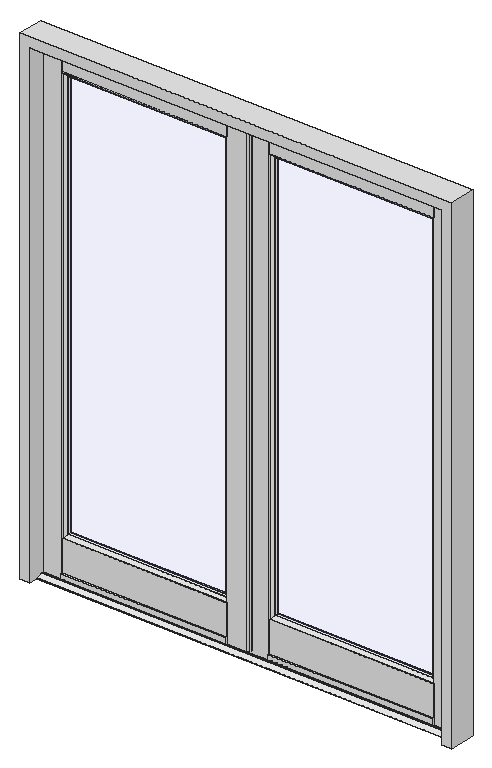
Revit family "kawneer-350_medstile-pr-frt-02_17318", category Doors, host Wall, Revit 2015
Parameters (values of type "(2)3' x 7' B.R. 6 1/2"")
  URL = "http://www.kawneer.com/kawneer/north_america/en/product.asp?cat_id=1339&prod_id=1816"
  Type Comments = "OFFSET PIVOT / BUTT HUNG"
  Thickness = 0' - 1 3/4"
  Rough Width = Width + 0' 4"  # 3' - 4"
  Rough Height = Height + 0' 2"  # 7' - 2"
  Product data url = "https://bimobject.com/kawneerna/product/17196"
  Operation = " "
  Opening Width = Width * 2  # 6' - 0"
  Model = "Pair 350 Medium Stile Door Front Set B.R. 6 1/2\""
  Manufacturer = "Kawneer"
  Height = 7' - 0"
  Wall Closure = By host
  Width = 3' - 0"
  Function = Interior
  Door Panel = Kawneer - Fluropon_Bone White-391X035
  Door Glazing = Glass
  Door Frame = Kawneer - Fluropon_Bone White-391X035
  Description = "The \"350\" medium stile entrance door offers a rugged appearance, features dual-moment corner construction and is designed for schools, institutions, and other high traffic conditions."
  Bottom Rail Height = 0' - 6 1/2"
  Assembly Code = "B2030110"
Types (2): name | Operation | Model | Bottom Rail Height
  (2)3' x 7' B.R. 6 1/2" | " " | "Pair 350 Medium Stile Door Front Set B.R. 6 1/2\"" | 0' - 6 1/2"
  (2)3' x 7' B.R. 7 1/2" | "" | "Pair 350 Medium Stile Door Front Set B.R. 7 1/2\"" | 0' - 7 1/2"
Reference planes (in)
  plane 1: y = 0
  plane 2 "Center": x = 0
  plane 3 "Left": x = -36
  plane 4 "Right": x = 36
  plane 5 "Top": z = 84
  plane 6 "Glass center": y = 1.375
  plane 7: z = 7.1875
  plane 8: z = 0.6875
  plane 9: z = 84
Forms (in)
  Sweep 1, solid, material "Kawneer - Fluropon_Bone White-391X035" <- "Door Frame"
    path origin (-60, 3, 0) x (-1, 0, 0) y (0, 0, 1)
      loop
        line (-96, 0) -> (-96, 84) -> (-24, 84) -> (-24, 0)
    profile origin (0, 0, 42) x (1, 0, 0) y (0, 1, 0)
      loop
        line (38, 2.25) -> (36.25, 2.25) -> (36.25, -2.25) -> (38, -2.25) -> (38, 2.25)
  Extrusion 2, solid, material "Glass" <- "Door Glazing"
    sketch origin (0, 1.375, 0) x (1, 0, 0) y (0, 0, 1)
      loop
        line (34, 7.375) -> (34, 80.34375) -> (3.91303, 80.34375) -> (3.91303, 7.375) -> (34, 7.375)
    from 0 to 0.25
  Extrusion 3, solid, material "Kawneer - Fluropon_Bone White-391X035" <- "Door Panel"
    sketch origin (0, -0.25, 0) x (1, 0, 0) y (0, 1, 0)
      loop
        line (36.15625, 2.375) -> (32.65625, 2.375) -> (32.65625, 2.31012) -> (32.12625, 1.8705) -> (32.12625, 1.77617) -> (31.99256, 1.625) -> (32.65625, 1.625) -> (32.65625, 1.375) -> (31.9937, 1.375) -> (32.12625, 1.22377) -> (32.12625, 1.1295) -> (32.65625, 0.75) -> (32.65625, 0.625) -> (35.87752, 0.625)
        arc (35.87752, 0.625) -> (36.01034, 0.68002) -> (36.06535, 0.81283) r 0.18783
        line (36.06535, 0.81283) -> (36.15625, 2.375)
    from 0.6875 to 84
  Extrusion 4, solid, material "Kawneer - Fluropon_Bone White-391X035" <- "Door Panel"
    sketch origin (0, -0.25, 0) x (-1, 0, 0) y (0, -1, 0)
      loop
        line (36.16231, -2.375) -> (36.16231, -2.32812) -> (36.06415, -0.80831)
        arc (36.06415, -0.80831) -> (36.00961, -0.67664) -> (35.87793, -0.6221) r 0.18622
        line (35.87793, -0.6221) -> (32.65625, -0.6221) -> (32.65625, -0.68988) -> (32.13755, -1.1295) -> (32.13755, -1.22377) -> (32.00499, -1.375) -> (32.48005, -1.375) -> (32.48005, -1.625) -> (32.00386, -1.625) -> (32.13755, -1.77617) -> (32.13755, -1.8705) -> (32.65625, -2.31012) -> (32.65625, -2.375) -> (36.16231, -2.375)
    from 0.6875 to 84
  Extrusion 5, solid, material "Kawneer - Fluropon_Bone White-391X035" <- "Door Panel"
    sketch origin (0, -0.375, 0.15278) x (0, 1, 0) y (0, 0, 1)
      loop
        line (2.5, 0.53472) -> (2.5, 7.03472) -> (2.43512, 7.03472) -> (2.0085, 7.56703) -> (1.94736, 7.56703)
        arc (1.94736, 7.56703) -> (1.82437, 7.6428) -> (1.75, 7.76663) r 0.30526
        line (1.75, 7.76663) -> (1.75, 7.22222) -> (1.5, 7.22222) -> (1.5, 7.76663)
        arc (1.5, 7.76663) -> (1.42562, 7.6428) -> (1.30264, 7.56703) r 0.30526
        line (1.30264, 7.56703) -> (1.2675, 7.56703) -> (0.82596, 7.03472) -> (0.75, 7.03472) -> (0.75, 1.5921) -> (0.51155, 1.52781) -> (0.51155, 0.64322) -> (0.59155, 0.64322) -> (0.71055, 0.41022)
        arc (0.71055, 0.41022) -> (0.74752, 0.3939) -> (0.76384, 0.43087) r 0.02858
        line (0.76384, 0.43087) -> (0.68155, 0.64322) -> (0.75, 0.64322) -> (0.75, 0.53472) -> (0.888, 0.53472) -> (0.888, 1.25347) -> (2.388, 1.25347) -> (2.388, 0.53472) -> (2.5, 0.53472)
      loop
        line (0.901, 1.37847) -> (2.375, 1.37847) -> (2.375, 6.53572)
        arc (2.375, 6.53572) -> (2.25594, 6.55359) -> (2.201, 6.66072) r 0.1319
        line (2.201, 6.66072) -> (2.201, 6.84722) -> (1.075, 6.84722) -> (1.075, 6.66072)
        arc (1.075, 6.66072) -> (1.02006, 6.55359) -> (0.901, 6.53572) r 0.1319
        line (0.901, 6.53572) -> (0.901, 1.37847)
    from 3.72553 to 32.65625
  Extrusion 6, solid, material "Kawneer - Fluropon_Bone White-391X035" <- "Door Frame", detail levels medium+fine
    sketch origin (0, -0.375, 0) x (0, 1, 0) y (0, 0, 1)
      loop
        line (2.40824, 0.342) -> (2.82032, 0.342) -> (3.31016, 0.1166)
        arc (3.31016, 0.1166) -> (3.33645, 0.09372) -> (3.34624, 0.06027) r 0.062
        line (3.34624, 0.06027) -> (3.34624, 0) -> (3.62824, 0) -> (3.62824, 0.10205)
        arc (3.62824, 0.10205) -> (3.62318, 0.11931) -> (3.60962, 0.13112) r 0.032
        line (3.60962, 0.13112) -> (2.80798, 0.5) -> (2.67111, 0.5)
        arc (2.67111, 0.5) -> (2.63911, 0.468) -> (2.60711, 0.5) r 0.032
        line (2.60711, 0.5) -> (2.45311, 0.5)
        arc (2.45311, 0.5) -> (2.42111, 0.468) -> (2.38911, 0.5) r 0.032
        line (2.38911, 0.5) -> (2.25324, 0.5) -> (2.25324, 0.45) -> (1.00324, 0.45) -> (1.00324, 0.5) -> (0.86737, 0.5)
        arc (0.86737, 0.5) -> (0.83537, 0.468) -> (0.80337, 0.5) r 0.032
        line (0.80337, 0.5) -> (0.64937, 0.5)
        arc (0.64937, 0.5) -> (0.61737, 0.468) -> (0.58537, 0.5) r 0.032
        line (0.58537, 0.5) -> (0.4485, 0.5) -> (-0.35314, 0.13112)
        arc (-0.35314, 0.13112) -> (-0.36671, 0.11931) -> (-0.37176, 0.10205) r 0.032
        line (-0.37176, 0.10205) -> (-0.37176, 0) -> (-0.08976, 0) -> (-0.08976, 0.06027)
        arc (-0.08976, 0.06027) -> (-0.07997, 0.09372) -> (-0.05368, 0.1166) r 0.062
        line (-0.05368, 0.1166) -> (0.43616, 0.342) -> (0.84724, 0.342) -> (0.84724, 0.28492) -> (2.40824, 0.28492) -> (2.40824, 0.342)
    from -38 to 36.25
  Extrusion 7, solid, material "Kawneer - Fluropon_Bone White-391X035" <- "Door Panel"
    sketch origin (0, 1.25, 0) x (1, 0, 0) y (0, 1, 0)
      loop
        arc (0.22766, 0.875) -> (0.12658, 0.56805) -> (0.06928, 0.25) r 2.3125
        line (0.06928, 0.25) -> (0.25578, 0.25)
        arc (0.25578, 0.25) -> (0.31928, 0.312) -> (0.38178, 0.249) r 0.063
        line (0.38178, 0.249) -> (0.38178, -0.249)
        arc (0.38178, -0.249) -> (0.31928, -0.312) -> (0.25578, -0.25) r 0.063
        line (0.25578, -0.25) -> (0.06928, -0.25)
        arc (0.06928, -0.25) -> (0.12658, -0.56805) -> (0.22765, -0.875) r 2.3125
        line (0.22765, -0.875) -> (3.72553, -0.875) -> (3.72553, -0.81012) -> (4.25553, -0.3705) -> (4.25553, -0.30936)
        arc (4.25553, -0.30936) -> (4.31864, -0.19967) -> (4.42081, -0.125) r 0.30526
        line (4.42081, -0.125) -> (3.91303, -0.125) -> (3.91303, 0.125) -> (4.42081, 0.125)
        arc (4.42081, 0.125) -> (4.31864, 0.19967) -> (4.25553, 0.30936) r 0.30526
        line (4.25553, 0.30936) -> (4.25553, 0.3705) -> (3.72553, 0.81012) -> (3.72553, 0.875) -> (0.22766, 0.875)
    from 0.6875 to 84
  Extrusion 8, solid, material "Glass" <- "Door Glazing"
    sketch origin (0, 1.375, 0) x (-1, 0, 0) y (0, 0, -1)
      loop
        line (32.48005, -7.375) -> (3.91303, -7.375) -> (3.91303, -80.34375) -> (32.48005, -80.34375) -> (32.48005, -7.375)
    from 0 to 0.25
  Extrusion 9, solid, material "Kawneer - Fluropon_Bone White-391X035" <- "Door Panel"
    sketch origin (0, -0.375, 0.15278) x (0, 1, 0) y (0, 0, -1)
      loop
        line (2.5, -0.53472) -> (2.388, -0.53472) -> (2.388, -1.25347) -> (0.888, -1.25347) -> (0.888, -0.53472) -> (0.75, -0.53472) -> (0.75, -0.64322) -> (0.68155, -0.64322) -> (0.76384, -0.43087)
        arc (0.76384, -0.43087) -> (0.74752, -0.3939) -> (0.71055, -0.41022) r 0.02858
        line (0.71055, -0.41022) -> (0.59155, -0.64322) -> (0.51155, -0.64322) -> (0.51155, -1.52781) -> (0.75, -1.5921) -> (0.75, -7.03472) -> (0.82596, -7.03472) -> (1.2675, -7.56703) -> (1.30264, -7.56703)
        arc (1.30264, -7.56703) -> (1.42562, -7.6428) -> (1.5, -7.76663) r 0.30526
        line (1.5, -7.76663) -> (1.5, -7.22222) -> (1.75, -7.22222) -> (1.75, -7.76663)
        arc (1.75, -7.76663) -> (1.82437, -7.6428) -> (1.94736, -7.56703) r 0.30526
        line (1.94736, -7.56703) -> (2.0085, -7.56703) -> (2.43512, -7.03472) -> (2.5, -7.03472) -> (2.5, -0.53472)
      loop
        line (0.901, -1.37847) -> (0.901, -6.53572)
        arc (0.901, -6.53572) -> (1.02006, -6.55359) -> (1.075, -6.66072) r 0.1319
        line (1.075, -6.66072) -> (1.075, -6.84722) -> (2.201, -6.84722) -> (2.201, -6.66072)
        arc (2.201, -6.66072) -> (2.25594, -6.55359) -> (2.375, -6.53572) r 0.1319
        line (2.375, -6.53572) -> (2.375, -1.37847) -> (0.901, -1.37847)
    from 3.72553 to 32.65625
  Extrusion 10, solid, material "Kawneer - Fluropon_Bone White-391X035" <- "Door Panel"
    sketch origin (0, 1.25, 0) x (-1, 0, 0) y (0, -1, 0)
      loop
        line (0.22766, -0.875) -> (3.72553, -0.875) -> (3.72553, -0.81012) -> (4.25553, -0.3705) -> (4.25553, -0.30936)
        arc (4.25553, -0.30936) -> (4.31864, -0.19967) -> (4.42081, -0.125) r 0.30526
        line (4.42081, -0.125) -> (3.91303, -0.125) -> (3.91303, 0.125) -> (4.42081, 0.125)
        arc (4.42081, 0.125) -> (4.31864, 0.19967) -> (4.25553, 0.30936) r 0.30526
        line (4.25553, 0.30936) -> (4.25553, 0.3705) -> (3.72553, 0.81012) -> (3.72553, 0.875) -> (0.22765, 0.875)
        arc (0.22765, 0.875) -> (0.12658, 0.56805) -> (0.06928, 0.25) r 2.3125
        line (0.06928, 0.25) -> (0.25578, 0.25)
        arc (0.25578, 0.25) -> (0.31928, 0.312) -> (0.38178, 0.249) r 0.063
        line (0.38178, 0.249) -> (0.38178, -0.249)
        arc (0.38178, -0.249) -> (0.31928, -0.312) -> (0.25578, -0.25) r 0.063
        line (0.25578, -0.25) -> (0.06928, -0.25)
        arc (0.06928, -0.25) -> (0.12658, -0.56805) -> (0.22766, -0.875) r 2.3125
    from 0.6875 to 84
  Extrusion 11, solid, material "Kawneer - Fluropon_Bone White-391X035" <- "Door Panel"
    sketch origin (0, -0.125, 23.875) x (0, 1, 0) y (0, 0, 1)
      loop
        line (0.5, 60.125) -> (0.5, 56.625) -> (0.56516, 56.625) -> (1.00479, 56.095) -> (1.09862, 56.095) -> (1.25, 55.96232) -> (1.25, 56.4375) -> (1.49999, 56.4375) -> (1.49999, 55.94982) -> (1.65117, 56.095) -> (1.74715, 56.095) -> (2.18677, 56.625) -> (2.25, 56.625) -> (2.25, 60.125) -> (2.18512, 60.125) -> (2.18512, 59.25) -> (0.56488, 59.25) -> (0.56488, 60.125) -> (0.5, 60.125)
    from 3.72553 to 32.65625
  Extrusion 12, solid, material "Kawneer - Fluropon_Bone White-391X035" <- "Door Panel"
    sketch origin (0, -0.125, 23.875) x (0, 1, 0) y (0, 0, -1)
      loop
        line (0.5, -60.125) -> (0.56488, -60.125) -> (0.56488, -59.25) -> (2.18512, -59.25) -> (2.18512, -60.125) -> (2.25, -60.125) -> (2.25, -56.625) -> (2.18677, -56.625) -> (1.74715, -56.095) -> (1.65117, -56.095) -> (1.49999, -55.94982) -> (1.49999, -56.4375) -> (1.25, -56.4375) -> (1.25, -55.96232) -> (1.09862, -56.095) -> (1.00479, -56.095) -> (0.56516, -56.625) -> (0.5, -56.625) -> (0.5, -60.125)
    from 3.72553 to 32.65625
Lines and regions (in)
  Opening 1
    outline origin (-90, -3, 0) x (1, 0, 0) y (0, 0, 1)
      loop
        line (52, 0) -> (128, 0) -> (128, 86) -> (52, 86) -> (52, 0)
  symbolic lines, style "Elevation Swing"
    curve 1: line (-0.38178, 3, 0.6875) -> (-36, 3, 42)
    curve 2: line (-36, 3, 42) -> (-0.22766, 3, 84.125)
    curve 10: line (0.38178, 3, 0.6875) -> (36, 3, 44.625)
    curve 11: line (36, 3, 44.625) -> (0.22766, 3, 84.125)
  symbolic lines
    curve 3: line (-36, 2.25, 0) -> (-34.25, 2.25, 0)
    curve 4: line (-36, 38.25, 0) -> (-36, 2.25, 0)
    curve 5: line (-34.25, 38.25, 0) -> (-36, 38.25, 0)
    curve 6: line (-34.25, 2.25, 0) -> (-34.25, 38.25, 0)
    curve 7: arc (-36, 38.25, 0) -> (-10.54416, 27.70584, 0) -> (0, 2.25, 0) r 36
    curve 12: line (36, 2.25, 0) -> (34.25, 2.25, 0)
    curve 13: line (36, 39.5, 0) -> (36, 2.25, 0)
    curve 14: line (34.25, 39.5, 0) -> (36, 39.5, 0)
    curve 15: line (34.25, 2.25, 0) -> (34.25, 39.5, 0)
    curve 16: arc (36, 39.5, 0) -> (10.54416, 28.95584, 0) -> (0, 3.5, 0) r 36
  model lines
    curve 8: line (0.06928, 0.05443, 0) -> (-0.06928, 0.05443, 0)
    curve 9: line (-0.06928, 0.05443, 0) -> (0.06928, 0.05443, 0)
Text (in)
  text "Exterior" at (-58.67754, 27.31104, 0), in view "Floor Line"
  text "Interior" at (-58.34764, -25.14366, 0), in view "Floor Line"
  text "Exterior" at (0, 40.15149, 123.01588), in view "Right"
  text "Interior" at (0, -64.39139, 123.01588), in view "Right"
  text "Interior" at (0, -31.01599, 123.00693), in view "Left"
  text "Exterior" at (0, 54.57065, 123.00693), in view "Left"
Dimensions and locks (in)
  equal spacing: plane 3 "Left", plane 2 "Center", plane 4 "Right"
  "Height": level to plane 5 "Top"
  "Opening Width": plane 3 "Left" to plane 4 "Right"
  equal spacing: host wall, curve 2, plane 5 "Top"
  locked: plane 4 "Right" to Opening 1 sketch curve at 2
  locked: Opening 1 sketch curve to plane 3 "Left" at 2
  locked: plane 5 "Top" to Opening 1 sketch curve at 2
  locked: Sweep 1 sketch curve to Sweep 1 sketch curve at 4.5
  locked: profile plane to Sweep 1 sketch curve at 2
  "Width": curve 5 to Sweep 1
  "Thickness": plane 3 "Left" to curve 6
  locked: Sweep 1 to Sweep 1 at 1.75  (x2)
  locked: plane 8 to level at 0.6875
  "Bottom Rail Height": plane 7 to plane 8
  equal spacing: Sweep 1 sketch curve, host wall, Sweep 1 sketch curve
  plane 9 to Sweep 1 = 0' - 0 1/4"
  locked: Extrusion 11 sketch curve to Extrusion 11 sketch curve at 1.75
  locked: Extrusion 12 sketch curve to Extrusion 12 sketch curve at 1.75
  Extrusion 12 sketch curve to Extrusion 12 sketch curve to Extrusion 12 sketch curve = 0' - 0.66269" locked, 0' - 3 1/2"
  locked: Extrusion 4 to plane 3 "Left" at 3.34375
  locked: Extrusion 4 sketch curve to Extrusion 4 sketch curve at 3.50606
  locked: Extrusion 4 sketch curve to Extrusion 4 sketch curve at 0.6524
  locked: Extrusion 3 sketch curve to Extrusion 3 sketch curve at 3.5
  locked: plane 4 "Right" to Extrusion 3 sketch curve at 0.15625
  locked: Extrusion 11 sketch curve to plane 9 at 3.5
  locked: Extrusion 11 sketch curve to Extrusion 11 sketch curve at 0.66269
  aligned and locked: Opening 1 sketch curve to level
  aligned and locked: plane 3 "Left" to curve 1
  aligned and locked: Extrusion 4 to Extrusion 2
  aligned and locked: Extrusion 2 to Extrusion 4
  aligned and locked: Extrusion 4 to Extrusion 3
  aligned and locked: plane 4 "Right" to Sweep 1 sketch curve
  aligned and locked: Sweep 1 sketch curve to plane 3 "Left"
  aligned and locked: plane 5 "Top" to Sweep 1 sketch curve
  aligned and locked: plane 7 to Extrusion 5 sketch curve  (x2)
  aligned and locked: Extrusion 2 to Extrusion 5
  aligned and locked: plane 8 to Extrusion 5
  aligned and locked: Extrusion 6 to Sweep 1  (x2)
  aligned and locked: Extrusion 2 to Extrusion 7
  aligned and locked: Extrusion 7 to plane 8
  aligned and locked: Extrusion 9 to Extrusion 8
  aligned and locked: curve 2 to Extrusion 10
  aligned and locked: Extrusion 10 to curve 1
  aligned and locked: Extrusion 3 to plane 8
  aligned and locked: Extrusion 3 to Extrusion 3
  aligned and locked: Extrusion 3 to plane 9
  aligned and locked: Extrusion 7 to plane 9
  aligned and locked: Extrusion 10 to plane 9
  aligned and locked: plane 9 to plane 5 "Top"
  aligned and locked: Extrusion 11 sketch curve to Extrusion 11 sketch curve  (x2)
  aligned and locked: Extrusion 12 sketch curve to Extrusion 12 sketch curve  (x2)
  aligned and locked: Extrusion 8 to Extrusion 2
  aligned and locked: Extrusion 4 sketch curve to Extrusion 4 sketch curve
  aligned and locked: Extrusion 8 to Extrusion 10
  aligned and locked: Extrusion 5 to Extrusion 3
  aligned and locked: Extrusion 5 to Extrusion 7
  aligned and locked: Extrusion 9 to Extrusion 10
  aligned and locked: Extrusion 9 to Extrusion 4
  aligned and locked: Extrusion 12 to Extrusion 4
  aligned and locked: Extrusion 12 to Extrusion 10
  aligned and locked: Extrusion 11 to Extrusion 7
  aligned and locked: Extrusion 11 to Extrusion 3
  aligned and locked: Extrusion 8 to Extrusion 4
Automatic sketch dimensions
  curve 3 to plane 3 "Left" = 0' - 0"
  curve 7 to plane 2 "Center" = 0' - 0"
  curve 3 to plane 6 "Glass center" = 0' - 0 7/8"
  curve 1 to plane 8 = 0' - 0"
  curve 2 to plane 5 "Top" = 0' - 0 1/8"
  Sweep 1 sketch curve to level = 0' - 0"  (x2)
  Sweep 1 sketch curve to profile plane = 0' - 0 1/4"
  plane 7 to Extrusion 2 sketch curve = 0' - 0 3/16"
  plane 2 "Center" to Extrusion 2 sketch curve = 0' - 3.91303"
  plane 4 "Right" to Extrusion 2 sketch curve = 0' - 2"
  plane 5 "Top" to Extrusion 2 sketch curve = 0' - 3 21/32"
  Extrusion 3 sketch curve to plane 6 "Glass center" = 0' - 0"
  Extrusion 3 sketch curve to host wall = 0' - 1 1/8"
  Extrusion 3 sketch curve to Extrusion 3 sketch curve = 0' - 0.00113"
  Extrusion 3 sketch curve to host wall = 0' - 0.8795"
  Extrusion 3 sketch curve to Extrusion 3 sketch curve = 0' - 0.13256"
  Extrusion 3 sketch curve to plane 6 "Glass center" = 0' - 0.2455"
  Extrusion 3 sketch curve to Extrusion 3 sketch curve = 0' - 0.13369"
  Extrusion 3 sketch curve to Extrusion 3 sketch curve = 0' - 0.53"  (x2)
  Extrusion 3 sketch curve to Extrusion 3 sketch curve = 0' - 0"
  plane 4 "Right" to Extrusion 3 sketch curve = 0' - 0.12248"
  Extrusion 3 sketch curve to plane 4 "Right" = 0' - 0.06535"
  Extrusion 3 sketch curve to host wall = 0' - 0.56283"
  Extrusion 3 sketch curve to Extrusion 3 sketch curve = 0' - 0 1/8"
  Extrusion 3 sketch curve to Extrusion 3 sketch curve = 0' - 0.09427"
  Extrusion 3 sketch curve to Extrusion 3 sketch curve = 0' - 0.09433"
  Extrusion 3 sketch curve to Extrusion 3 sketch curve = 0' - 0.68512"
  Extrusion 3 sketch curve to Extrusion 3 sketch curve = 0' - 0.06488"
  Extrusion 5 sketch curve to plane 8 = 0' - 0"  (x2)
  Extrusion 5 sketch curve to plane 6 "Glass center" = 0' - 0"
  Extrusion 5 sketch curve to host wall = 0' - 1 1/8"
  Extrusion 5 sketch curve to Extrusion 5 sketch curve = 0' - 0.19736"
  Extrusion 5 sketch curve to Extrusion 5 sketch curve = 0' - 0 9/256"
  Extrusion 5 sketch curve to Extrusion 5 sketch curve = 0' - 0.05894"
  Extrusion 5 sketch curve to host wall = 0' - 0.7"
  Extrusion 5 sketch curve to Extrusion 5 sketch curve = 0' - 0.1319"  (x2)
  Extrusion 5 sketch curve to Extrusion 5 sketch curve = 0' - 0.0421"  (x2)
  Extrusion 5 sketch curve to Extrusion 5 sketch curve = 0' - 0.013"
  Extrusion 5 sketch curve to Extrusion 5 sketch curve = 0' - 0.24904"
  Extrusion 5 sketch curve to plane 8 = 0' - 0.10384"
  Extrusion 5 sketch curve to Extrusion 5 sketch curve = 0' - 0.12416"
  Extrusion 5 sketch curve to Extrusion 5 sketch curve = 0' - 0.01384"
  Extrusion 5 sketch curve to Extrusion 5 sketch curve = 0' - 0.07596"
  Extrusion 5 sketch curve to Extrusion 5 sketch curve = 0' - 0.02665"  (x2)
  Extrusion 5 sketch curve to plane 8 = 0' - 0.1245"
  Extrusion 5 sketch curve to Extrusion 5 sketch curve = 0' - 0.06845"
  plane 8 to Extrusion 5 sketch curve = 0' - 0.1085"
  Extrusion 5 sketch curve to Extrusion 5 sketch curve = 0' - 0.09"
  Extrusion 5 sketch curve to Extrusion 5 sketch curve = 0' - 0.23845"
  Extrusion 5 sketch curve to plane 6 "Glass center" = 0' - 0.19736"
  Extrusion 5 sketch curve to Extrusion 5 sketch curve = 0' - 0.06114"
  Extrusion 5 sketch curve to plane 6 "Glass center" = 0' - 0.29144"
  Extrusion 5 sketch curve to plane 6 "Glass center" = 0' - 0.451"
  Extrusion 5 sketch curve to plane 6 "Glass center" = 0' - 0.638"
  Extrusion 5 sketch curve to Extrusion 5 sketch curve = 0' - 0.23412"
  Extrusion 5 sketch curve to Extrusion 5 sketch curve = 0' - 0.06488"
  Extrusion 5 sketch curve to Extrusion 5 sketch curve = 0' - 0"  (x2)
  Extrusion 5 sketch curve to Extrusion 5 sketch curve = 0' - 0 23/32"
  Extrusion 5 sketch curve to Extrusion 5 sketch curve = 0' - 0 1/8"
  Extrusion 5 sketch curve to Extrusion 5 sketch curve = 0' - 0.14935"
  Extrusion 5 sketch curve to Extrusion 5 sketch curve = 0' - 0.06429"
  Extrusion 5 sketch curve to plane 7 = 0' - 0.499"  (x2)
  Extrusion 5 sketch curve to Extrusion 5 sketch curve = 0' - 0.1865"
  plane 7 to Extrusion 5 sketch curve = 0' - 0 3/16"
  Extrusion 5 sketch curve to Extrusion 5 sketch curve = 0' - 0.34482"  (x2)
  Extrusion 5 sketch curve to Extrusion 5 sketch curve = 0' - 0.1996"
  Extrusion 6 sketch curve to level = 0' - 0"  (x2)
  level to Extrusion 6 sketch curve = 0' - 0.10205"  (x2)
  Extrusion 6 sketch curve to host wall = 0' - 2.25324"
  level to Extrusion 6 sketch curve = 0' - 0.13112"
  Extrusion 6 sketch curve to Extrusion 6 sketch curve = 0' - 0.01862"
  level to Extrusion 6 sketch curve = 0' - 0.06027"  (x2)
  Extrusion 6 sketch curve to Extrusion 6 sketch curve = 0' - 0 1/4"  (x2)
  level to Extrusion 6 sketch curve = 0' - 0.1166"
  Extrusion 6 sketch curve to Extrusion 6 sketch curve = 0' - 0.03608"
  level to Extrusion 6 sketch curve = 0' - 0.342"  (x2)
  Extrusion 6 sketch curve to Extrusion 6 sketch curve = 0' - 0.48984"
  Extrusion 6 sketch curve to plane 8 = 0' - 0 3/16"
  Extrusion 6 sketch curve to Extrusion 6 sketch curve = 0' - 0.01233"  (x2)
  Extrusion 6 sketch curve to Extrusion 6 sketch curve = 0' - 0.13687"  (x2)
  Extrusion 6 sketch curve to Extrusion 6 sketch curve = 0' - 0.032"  (x5)
  Extrusion 6 sketch curve to Extrusion 6 sketch curve = 0' - 0.154"  (x2)
  Extrusion 6 sketch curve to Extrusion 6 sketch curve = 0' - 0.01187"
  Extrusion 6 sketch curve to Extrusion 6 sketch curve = 0' - 0.13587"  (x2)
  Extrusion 6 sketch curve to plane 8 = 0' - 0.2375"
  Extrusion 6 sketch curve to plane 6 "Glass center" = 0' - 0.50324"
  Extrusion 6 sketch curve to Extrusion 6 sketch curve = 0' - 0.01913"
  Extrusion 6 sketch curve to Extrusion 6 sketch curve = 0' - 0.46392"
  Extrusion 6 sketch curve to Extrusion 6 sketch curve = 0' - 0.02592"
  Extrusion 6 sketch curve to Extrusion 6 sketch curve = 0' - 0.062"
  Extrusion 6 sketch curve to Extrusion 6 sketch curve = 0' - 0.01338"
  Extrusion 6 sketch curve to Extrusion 6 sketch curve = 0' - 0.05708"
  Extrusion 6 sketch curve to Extrusion 6 sketch curve = 0' - 0.05"
  curve 16 to plane 2 "Center" = 0' - 0"
  curve 12 to plane 4 "Right" = 0' - 0"
  curve 9 to plane 2 "Center" = 0' - 0.06928"
  curve 8 to curve 9 = 0' - 0"  (x2)
  plane 2 "Center" to curve 9 = 0' - 0.06928"
  plane 4 "Right" to curve 12 = 0' - 1 3/4"
  curve 8 to host wall = 0' - 0.05443"
  curve 9 to curve 8 = 0' - 0"
  curve 12 to plane 6 "Glass center" = 0' - 0 7/8"
  host wall to curve 16 = 0' - 0 1/2"
  Extrusion 7 sketch curve to Extrusion 7 sketch curve = 0' - 0"  (x4)
  Extrusion 7 sketch curve to host wall = 0' - 1 1/4"
  Extrusion 7 sketch curve to plane 6 "Glass center" = 0' - 0"
  plane 2 "Center" to Extrusion 7 sketch curve = 0' - 0.06928"  (x2)
  plane 2 "Center" to Extrusion 7 sketch curve = 0' - 0.22765"
  plane 2 "Center" to Extrusion 7 sketch curve = 0' - 0.22766"
  Extrusion 7 sketch curve to Extrusion 7 sketch curve = 0' - 0.18651"  (x2)
  Extrusion 7 sketch curve to Extrusion 7 sketch curve = 0' - 0.06299"  (x2)
  Extrusion 7 sketch curve to Extrusion 7 sketch curve = 0' - 0.063"
  Extrusion 7 sketch curve to plane 6 "Glass center" = 0' - 0.68512"
  Extrusion 7 sketch curve to host wall = 0' - 0.43988"
  Extrusion 7 sketch curve to Extrusion 7 sketch curve = 0' - 1.3573"
  Extrusion 7 sketch curve to Extrusion 7 sketch curve = 0' - 1.5448"
  Extrusion 7 sketch curve to Extrusion 7 sketch curve = 0' - 0.3425"  (x2)
  Extrusion 7 sketch curve to plane 6 "Glass center" = 0' - 0.18436"
  Extrusion 7 sketch curve to Extrusion 7 sketch curve = 0' - 0.16528"  (x2)
  Extrusion 7 sketch curve to host wall = 0' - 1 1/8"
  Extrusion 7 sketch curve to Extrusion 7 sketch curve = 0' - 0.2904"
  Extrusion 7 sketch curve to plane 6 "Glass center" = 0' - 0.27844"
  Extrusion 7 sketch curve to host wall = 0' - 0 3/8"
  Extrusion 7 sketch curve to Extrusion 7 sketch curve = 0' - 0.27844"
  Extrusion 7 sketch curve to Extrusion 7 sketch curve = 0' - 0.06114"  (x2)
  Extrusion 7 sketch curve to plane 6 "Glass center" = 0' - 0.124"
  Extrusion 8 sketch curve to plane 7 = 0' - 0 3/16"
  plane 2 "Center" to Extrusion 8 sketch curve = 0' - 3.91303"
  plane 3 "Left" to Extrusion 8 sketch curve = 0' - 3.51995"
  Extrusion 8 sketch curve to plane 5 "Top" = 0' - 3 21/32"
  Extrusion 9 sketch curve to plane 7 = 0' - 0"  (x2)
  Extrusion 9 sketch curve to plane 8 = 0' - 0"  (x2)
  Extrusion 9 sketch curve to plane 6 "Glass center" = 0' - 0"
  Extrusion 9 sketch curve to host wall = 0' - 1 1/8"
  Extrusion 9 sketch curve to Extrusion 9 sketch curve = 0' - 0.19736"
  Extrusion 9 sketch curve to Extrusion 9 sketch curve = 0' - 0 9/256"
  Extrusion 9 sketch curve to Extrusion 9 sketch curve = 0' - 0.05894"
  Extrusion 9 sketch curve to host wall = 0' - 0.7"
  Extrusion 9 sketch curve to Extrusion 9 sketch curve = 0' - 0.1319"  (x2)
  Extrusion 9 sketch curve to Extrusion 9 sketch curve = 0' - 0.0421"  (x2)
  Extrusion 9 sketch curve to Extrusion 9 sketch curve = 0' - 0.013"
  Extrusion 9 sketch curve to Extrusion 9 sketch curve = 0' - 0.24904"
  Extrusion 9 sketch curve to plane 8 = 0' - 0.10384"
  Extrusion 9 sketch curve to Extrusion 9 sketch curve = 0' - 0.12416"
  Extrusion 9 sketch curve to Extrusion 9 sketch curve = 0' - 0.01384"
  Extrusion 9 sketch curve to Extrusion 9 sketch curve = 0' - 0.07596"
  Extrusion 9 sketch curve to Extrusion 9 sketch curve = 0' - 0.02665"  (x2)
  Extrusion 9 sketch curve to plane 8 = 0' - 0.1245"
  Extrusion 9 sketch curve to Extrusion 9 sketch curve = 0' - 0.06845"
  plane 8 to Extrusion 9 sketch curve = 0' - 0.1085"  (x2)
  Extrusion 9 sketch curve to Extrusion 9 sketch curve = 0' - 0.09"
  Extrusion 9 sketch curve to Extrusion 9 sketch curve = 0' - 0.23845"
  Extrusion 9 sketch curve to plane 6 "Glass center" = 0' - 0.19736"
  Extrusion 9 sketch curve to Extrusion 9 sketch curve = 0' - 0.06114"
  Extrusion 9 sketch curve to plane 6 "Glass center" = 0' - 0.29144"
  Extrusion 9 sketch curve to plane 6 "Glass center" = 0' - 0.451"
  Extrusion 9 sketch curve to plane 6 "Glass center" = 0' - 0.638"
  Extrusion 9 sketch curve to Extrusion 9 sketch curve = 0' - 0.23412"
  Extrusion 9 sketch curve to Extrusion 9 sketch curve = 0' - 0.06488"
  plane 7 to Extrusion 9 sketch curve = 0' - 0 3/16"
  Extrusion 9 sketch curve to Extrusion 9 sketch curve = 0' - 0.34482"  (x2)
  Extrusion 9 sketch curve to Extrusion 9 sketch curve = 0' - 0.1996"
  Extrusion 9 sketch curve to Extrusion 9 sketch curve = 0' - 0"
  Extrusion 9 sketch curve to plane 7 = 0' - 0 3/16"
  Extrusion 9 sketch curve to Extrusion 9 sketch curve = 0' - 0.1865"  (x2)
  Extrusion 9 sketch curve to Extrusion 9 sketch curve = 0' - 0.94889"
  Extrusion 9 sketch curve to Extrusion 9 sketch curve = 0' - 0.06429"
  plane 8 to Extrusion 9 sketch curve = 0' - 0 27/32"
  Extrusion 9 sketch curve to Extrusion 9 sketch curve = 0' - 0 1/8"
  Extrusion 10 sketch curve to Extrusion 10 sketch curve = 0' - 0"  (x3)
  host wall to Extrusion 10 sketch curve = 0' - 1 1/4"
  Extrusion 10 sketch curve to plane 6 "Glass center" = 0' - 0"
  plane 2 "Center" to Extrusion 10 sketch curve = 0' - 0.06928"  (x2)
  plane 2 "Center" to Extrusion 10 sketch curve = 0' - 0.22765"
  plane 2 "Center" to Extrusion 10 sketch curve = 0' - 0.22766"
  Extrusion 10 sketch curve to Extrusion 10 sketch curve = 0' - 0.18651"  (x2)
  Extrusion 10 sketch curve to Extrusion 10 sketch curve = 0' - 0.06299"  (x2)
  Extrusion 10 sketch curve to Extrusion 10 sketch curve = 0' - 0.063"
  plane 6 "Glass center" to Extrusion 10 sketch curve = 0' - 0.68512"
  Extrusion 10 sketch curve to Extrusion 10 sketch curve = 0' - 3 11/32"
  host wall to Extrusion 10 sketch curve = 0' - 0.43988"
  Extrusion 10 sketch curve to Extrusion 10 sketch curve = 0' - 1.3573"
  Extrusion 10 sketch curve to Extrusion 10 sketch curve = 0' - 1.5448"
  Extrusion 10 sketch curve to Extrusion 10 sketch curve = 0' - 0.3425"  (x2)
  plane 6 "Glass center" to Extrusion 10 sketch curve = 0' - 0.18436"
  Extrusion 10 sketch curve to Extrusion 10 sketch curve = 0' - 0.16528"  (x2)
  host wall to Extrusion 10 sketch curve = 0' - 1 1/8"
  Extrusion 10 sketch curve to Extrusion 10 sketch curve = 0' - 0.2904"
  plane 6 "Glass center" to Extrusion 10 sketch curve = 0' - 0.27844"
  host wall to Extrusion 10 sketch curve = 0' - 0 3/8"
  Extrusion 10 sketch curve to Extrusion 10 sketch curve = 0' - 0.27844"
  Extrusion 10 sketch curve to Extrusion 10 sketch curve = 0' - 0.06114"  (x2)
  plane 6 "Glass center" to Extrusion 10 sketch curve = 0' - 0.124"
  curve 10 to plane 4 "Right" = 0' - 0"
  curve 10 to plane 8 = 0' - 0"
  plane 2 "Center" to curve 10 = 0' - 0.38178"
  plane 2 "Center" to curve 11 = 0' - 0.22766"
  plane 7 to curve 11 = 3' - 1 7/16"
  curve 11 to plane 5 "Top" = 0' - 0 1/8"
  Extrusion 11 sketch curve to plane 5 "Top" = 0' - 0"
  plane 6 "Glass center" to Extrusion 11 sketch curve = 0' - 1"
  Extrusion 11 sketch curve to Extrusion 11 sketch curve = 0' - 0.06488"  (x2)
  Extrusion 11 sketch curve to Extrusion 11 sketch curve = 0' - 0.06517"
  Extrusion 11 sketch curve to Extrusion 11 sketch curve = 0' - 0.43962"
  Extrusion 11 sketch curve to Extrusion 11 sketch curve = 0' - 0.09383"
  Extrusion 11 sketch curve to Extrusion 11 sketch curve = 0' - 0.15138"
  Extrusion 11 sketch curve to Extrusion 11 sketch curve = 0' - 0 1/4"
  Extrusion 11 sketch curve to Extrusion 11 sketch curve = 0' - 0.15117"
  Extrusion 11 sketch curve to Extrusion 11 sketch curve = 0' - 0.09598"
  Extrusion 11 sketch curve to Extrusion 11 sketch curve = 0' - 0.06323"
  Extrusion 11 sketch curve to Extrusion 11 sketch curve = 0' - 0.0125"
  Extrusion 11 sketch curve to Extrusion 11 sketch curve = 0' - 0.13269"
  Extrusion 11 sketch curve to Extrusion 11 sketch curve = 0' - 0.14518"
  plane 5 "Top" to Extrusion 11 sketch curve = 0' - 0 7/8"
  Extrusion 12 sketch curve to plane 5 "Top" = 0' - 0"
  plane 6 "Glass center" to Extrusion 12 sketch curve = 0' - 1"
  Extrusion 12 sketch curve to Extrusion 12 sketch curve = 0' - 0.06488"  (x2)
  Extrusion 12 sketch curve to Extrusion 12 sketch curve = 0' - 0.06517"
  Extrusion 12 sketch curve to Extrusion 12 sketch curve = 0' - 0.43962"
  Extrusion 12 sketch curve to Extrusion 12 sketch curve = 0' - 0.09383"
  Extrusion 12 sketch curve to Extrusion 12 sketch curve = 0' - 0.15138"
  Extrusion 12 sketch curve to Extrusion 12 sketch curve = 0' - 0 1/4"
  Extrusion 12 sketch curve to Extrusion 12 sketch curve = 0' - 0.15117"
  Extrusion 12 sketch curve to Extrusion 12 sketch curve = 0' - 0.09598"
  Extrusion 12 sketch curve to Extrusion 12 sketch curve = 0' - 0.06323"
  plane 5 "Top" to Extrusion 12 sketch curve = 0' - 0 7/8"
  Extrusion 12 sketch curve to Extrusion 12 sketch curve = 0' - 0.47519"
  Extrusion 12 sketch curve to Extrusion 12 sketch curve = 0' - 0.13269"
  Extrusion 12 sketch curve to Extrusion 12 sketch curve = 0' - 0.3425"
  Extrusion 12 sketch curve to Extrusion 12 sketch curve = 0' - 0.14518"
  Extrusion 4 sketch curve to plane 6 "Glass center" = 0' - 0"
  Extrusion 4 sketch curve to plane 6 "Glass center" = 0' - 0 1/4"
  Extrusion 4 sketch curve to Extrusion 4 sketch curve = 0' - 0.00113"
  Extrusion 4 sketch curve to Extrusion 4 sketch curve = 0' - 0.13369"
  Extrusion 4 sketch curve to plane 6 "Glass center" = 0' - 0.4955"
  Extrusion 4 sketch curve to Extrusion 4 sketch curve = 0' - 0.13256"
  Extrusion 4 sketch curve to Extrusion 4 sketch curve = 0' - 0.3425"
  host wall to Extrusion 4 sketch curve = 0' - 0.37209"
  plane 3 "Left" to Extrusion 4 sketch curve = 0' - 0.12207"
  Extrusion 4 sketch curve to plane 3 "Left" = 0' - 0.06415"
  Extrusion 4 sketch curve to Extrusion 4 sketch curve = 0' - 0.06779"
  Extrusion 4 sketch curve to Extrusion 4 sketch curve = 0' - 0.09427"
  plane 6 "Glass center" to Extrusion 4 sketch curve = 0' - 0.15117"
  Extrusion 4 sketch curve to Extrusion 4 sketch curve = 0' - 0.09433"
  Extrusion 4 sketch curve to Extrusion 4 sketch curve = 0' - 0.43962"
  plane 6 "Glass center" to Extrusion 4 sketch curve = 0' - 0 45/64"
  Extrusion 4 sketch curve to Extrusion 4 sketch curve = 0' - 0 3/64"
  Extrusion 7 sketch curve to Extrusion 7 sketch curve = 0' - 3 11/32"
  Extrusion 4 sketch curve to plane 3 "Left" = 0' - 0.16231"
  Extrusion 11 sketch curve to Extrusion 11 sketch curve = 0' - 0 3/16"
